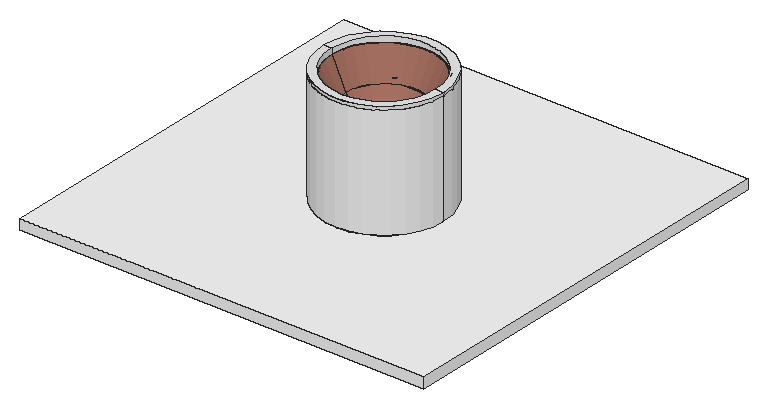
Revit family "BE_50677.6_de_DE", category Leuchten, Revit 2017
Family settings
  Basisbauteil = Fläche
  Bemaßung runder Anschluss = Durchmesser verwenden
  Teiletyp = Normal
  Beim Laden mit Abzugskörper schneiden = Ja
  Lichtquelle = Ja
  Gemeinsam genutzt = Nein
  Raumberechnungspunkt = Ja
Parameters (values of type "BEGA_50677.6_K3")
  built-in parameter 1150104 = 14.391 (stored number, unit not read)
  Wattage = 8.1 W
  Default Elevation = 0 mm
  built-in parameter 1150113 = 1 (stored number, unit not read)
  built-in parameter 1114218 = 1 (stored number, unit not read)
  Umgebungstemperatur = "25 °C"
  URL = "https://www.bega.com/de/produkt/50677.6"
  Typenkommentare = "© 2020 BEGA. Wir behalten uns das Recht vor, technische Änderungen ohne vorherige Ankündigung vorzunehmen."  # constant formula
  built-in parameter 1150134 = (empty or 0)
  built-in parameter 1150109 = 1 (stored number, unit not read)
  Strom = ""
  built-in parameter 1150110 = 1 (stored number, unit not read)
  Spannung = 239.996 V
  Sonderanfertigung = no
  Seriennummer [instance] = "Hier können Sie die eindeutige Seriennummer für das Facility Management eintragen."
  Schutzklasse = "I"
  Schutzart = "IP 20"
  Scheinlast = 0 VA
  Produktdatenblatt = "http://www.bega.de/download/Xrfa/db/50677.6.db.de.pdf"
  Oberflächentemperatur = ""
  Neigungswinkel = 0.00°
  Modell = "50677.6K3"
  Material_34 = BEGA_Oberfläche_Samtweiss_matt
  Material_29 = BEGA_Oberfläche_Kupfer_matt
  Material_23 = BEGA_Oberfläche_Chrom_poliert
  Material_17 = BEGA_Reflektor
  Material_15 = BEGA_Leuchtmedium_matt
  Material_13 = BEGA_Kunststoff_matt
  Material_11 = BEGA_Glas_opal
  Material_09 = BEGA_Glas_klar
  Material_06 = BEGA_Oberfläche_Edelstahl_gebürstet
  Material_03 = BEGA_Oberfläche_Weiss_matt
  Material_02 = BEGA_Oberfläche_Silber_matt
  Material_01 [instance] = BEGA_Oberfläche_Grafit_matt
  M_W = no
  M_G = no
  M_A = no
  Logo = 0
  built-in parameter 1114217 = 1 (stored number, unit not read)
  built-in parameter 1150139 = (empty or 0)
  built-in parameter 1150105 = 99.845 (stored number, unit not read)
  built-in parameter 1150114 = 1 (stored number, unit not read)
  Lumens = 1254.69 lm
  built-in parameter 1150115 = 1 (stored number, unit not read)
  Leuchtenlichtstrom = "807 lm"
  Leuchtenanzahl = ""
  Lebensdauerkriterien = "L70B50 @ 25 °C = 400000 h"
  Lastklassifizierung = Beleuchtung
  built-in parameter 1150112 = 1 (stored number, unit not read)
  Lampenlichtstrom = "1255 lm"
  Lampe = "LED 8.1 W"
  LED_Modulbezeichnung = "LED-0800/930"
  Hersteller = "BEGA"  # constant formula
  Halbstreuwinkel = ""
  Gewicht = "0.9 kg"
  Gebrauchslageneinschränkung [instance] = ""
  Frequenz = "0/50-60 Hz"
  Farbwiedergabeindex = "CRI > 90"
  Farbtemperaturverschiebung bei Dämpfen der Lampe = <Keine Auswahl>
  Farbtemperatur = "3000 K"
  Color Filter = 16777215
  built-in parameter 1150133 = 10 (stored number, unit not read)
  Energieeffizienzklasse = "LED A++ - A"
  built-in parameter 1150137 = (empty or 0)
  built-in parameter 1150132 = (empty or 0)
  ENEC = "ja"
  Dimmbar [instance] = "DALI"
  Datei für fotometrisches Netz = "BE_50677-6K3.IES"
  CE_Konformität = "ja"
  Bestellnummer = "50677.6K3"
  Beschreibung_Sonderanfertigung = "Hier können Sie Informationen zur Sonderanfertigung eintragen."
  Beschreibung = "Deckenleuchte · Tiefstrahler"
  built-in parameter 1150106 = 0.99845 (stored number, unit not read)
  Befestigungsbohrung = "Ø 4,5 mm"
  Befestigungsabstand = "96 mm"
  Ballwurfsicher = ""
  BEGA_Intern_aus = yes
  BEGA_Intern_an = yes
  BEGA_Intern_Konstruktion = yes
  BEGA_Intern = yes
  BEGA_IES = yes
  BEGA_Dummy = no
  Anschlussleitung = ""
  Anschlussleistung [instance] = "9.8 W"
  Anschlusskasten = ""
  built-in parameter 1150107 = 3000 (stored number, unit not read)
  built-in parameter 1150102 = (empty or 0)
  built-in parameter 1150138 = (empty or 0)
  Aktualisierung = "2020-09-11T04:00:16"
  Abstand_zur_angestrahlten_Fläche [instance] = ""
  AC/DC = "AC/DC"
Reference planes
  plane 1 "Mitte (Vorne/Hinten)": y = 0
  plane 2: z = 0
  plane 3 "Mitte (Links/Rechts)": x = 0
  plane 4 "Links": x = -59.5
  plane 5 "Rechts": x = 59.5
  plane 6 "Unten": y = -59.5
  plane 7 "Oben": y = 59.5
  plane 8 "Vorne": z = 115.1
  plane 9 "Hinten": z = 0
Forms (mm)
  Extrusion 1, solid, material "BEGA_Platte_Weiss"
    sketch origin (0, -1119.2, 0) x (1, 0, 0) y (0, 1, 0)
      loop
        line (-200, 1319.2) -> (-200, 919.2) -> (200, 919.2) -> (200, 1319.2) -> (-200, 1319.2)
    from 0 to -10
  Extrusion 2, solid, material "BEGA_Dummy_matt", visible <- "BEGA_Dummy"
    sketch origin (77.149, -76.023, 0) x (1, 0, 0) y (0, 1, 0)
      loop
        circle (-77.149, 76.023) r 59.5
    from 0 to 115.1
Dimensions and locks
  plane 1 "Mitte (Vorne/Hinten)" to Extrusion 1 = 200 mm
  aligned and locked: plane 2 to Extrusion 1
  aligned and locked: level to Extrusion 1
Nested families
  nested 1: "BE_50677.6" at (0, 0, 0), type "BE_50677.6"
Connectors
  electrical at (0, 0, 0), driven by "Lastklassifizierung", driven by "Spannung", driven by "Scheinlast"
    settings: index 1, voltage 239.996 V, apparent load 0 VA, apparent load phase1 0 VA, apparent load phase2 0 VA, apparent load phase3 0 VA, power factor 1, load classification "Beleuchtung", number of poles 1, system type 31, power factor state 1, is connector primary yes, connector utility no, sub classification motor no, connector description ""
Definition of nested family "BE_50677.6"
  Parameters (values of type "BE_50677.6")
    Default Elevation = 1 mm
    URL = "http://www.bega.de/de/produkt"
    Type Comments = "© 2015 BEGA. Wir behalten uns das Recht vor, technische Änderungen ohne vorherige Ankündigung vorzunehmen. "  # constant formula
    Type Image = (empty or 0)
    Neigungswinkel_um_Z2 = 0.00°
    Neigungswinkel_um_Z1 = 0.00°
    Neigungswinkel_um_Y2 = 0.00°
    Neigungswinkel_um_Y1 = 0.00°
    Neigungswinkel_um_X2 = 0.00°
    Neigungswinkel_um_X1 = 0.00°
    Material_35 = none
    Material_34 = none
    Material_31 = none
    Material_29 = none
    Material_23 = none
    Material_22 = none
    Material_17 = none
    Material_15 = none
    Material_13 = none
    Material_11 = none
    Material_09 = none
    Material_06 = none
    Material_05 = none
    Material_02 = none
    Material_01 = none
    M_W = yes
    M_G = yes
    M_A = yes
    Länge_Platte = 200 mm  # constant formula
    Höhe_Platte = -10 mm  # constant formula
    Manufacturer = "BEGA"  # constant formula
    Drehwinkel_um_Z2 = 0.00°
    Drehwinkel_um_Z1 = 0.00°
    Breite_Platte = 200 mm  # constant formula
  Reference planes
    plane 1 "Mitte (Oben/Unten)": y = 0
    plane 2: z = 0
    plane 3 "Mitte (Links/Rechts)": x = 0
    plane 4 "Hinten": z = 0
    plane 5 "Links": x = -59.5
    plane 6 "Rechts": x = 59.5
    plane 7 "Oben": y = 59.5
    plane 8 "Unten": y = -59.5
    plane 9: z = 115.1
  Forms (mm)
    Extrusion 1, solid, detail levels medium
      sketch origin (0, 0, 0) x (1, 0, 0) y (0, 1, 0)
        loop
          line (-100, 100) -> (-100, -100) -> (100, -100) -> (100, 100) -> (-100, 100)
      from 0 to -10 <- "Höhe_Platte"
    Revolve 2, solid, material <- "Material_13"
      sketch origin (0, 0, 0) x (1, 0, 0) y (0, 0, 1)
        loop
          line (0, 60.73) -> (0, 61.93)
          arc (0, 61.93) -> (-6.282, 60.311) -> (-11, 55.858) r 13
          line (-11, 55.858) -> (-11.994, 55.858) -> (-11.994, 54.458) -> (-9.75, 54.458) -> (-9.75, 55.576)
          arc (-9.75, 55.576) -> (-5.514, 59.362) -> (0, 60.73) r 11.8
        axis (0, 54.458) -> (0, 61.93)
      angle from 0 to 360
    Revolve 3, solid, material <- "Material_29"
      sketch origin (0, 0, 0) x (1, 0, 0) y (0, 0, 1)
        loop
          line (-18.273, 56.462) -> (-11, 55.825) -> (-11, 56.829) -> (-18.186, 57.458)
          arc (-18.186, 57.458) -> (-29.245, 67.993) -> (-37.796, 80.65) r 71.028
          line (-37.796, 80.65) -> (-39.6, 81.691) -> (-41.259, 85.331) -> (-42.169, 84.917) -> (-40.377, 80.985) -> (-38.491, 79.896)
          arc (-38.491, 79.896) -> (-29.813, 66.944) -> (-18.273, 56.462) r 64.266
        axis (0, 55.825) -> (0, 85.331)
      angle from 0 to 360
    Revolve 4, solid, material <- "Material_23"
      sketch origin (0, 0, 0) x (1, 0, 0) y (0, 0, 1)
        loop
          line (-59.446, 115.1) -> (-59.398, 111.8) -> (-52.937, 111.8) -> (-52.885, 110.3) -> (-51.582, 110.3) -> (-51.75, 115.1) -> (-59.446, 115.1)
        axis (0, 110.3) -> (0, 115.1)
      angle from 0 to 360
    Revolve 5, solid, material <- "Material_34"
      sketch origin (0, 0, 0) x (1, 0, 0) y (0, 0, 1)
        loop
          line (-55.325, 106.9) -> (-56.8, 106.9) -> (-57.071, 111.9) -> (-59.5, 111.8) -> (-59.4, 0.9) -> (-58.543, 0.997) -> (-58.303, 5.1) -> (-57.328, 5.374) -> (-57.2, 6.839) -> (-57.2, 14.979) -> (-56.022, 17.021) -> (-55.5, 46.9) -> (0, 46.9) -> (0, 51.9) -> (-53.405, 51.9) -> (-55.325, 106.9)
        axis (0, 0.9) -> (0, 111.9)
      angle from 0 to 360
    Revolve 6, solid, material <- "Material_29"
      sketch origin (0, 0, 0) x (1, 0, 0) y (0, 0, 1)
        loop
          line (-38.056, 80.8) -> (-51.236, 109.721)
          arc (-51.236, 109.721) -> (-51.605, 110.143) -> (-52.143, 110.3) r 1
          line (-52.143, 110.3) -> (-53.3, 110.3) -> (-53.3, 109.3) -> (-52.143, 109.3) -> (-39.547, 81.661) -> (-38.056, 80.8)
        axis (0, 80.8) -> (0, 110.3)
      angle from 0 to 360
    Revolve 7, solid, material <- "Material_05"
      sketch origin (0, 0, 0) x (1, 0, 0) y (0, 0, 1)
        loop
          line (53.452, 9) -> (53.609, 0) -> (58.1, 0) -> (58.1, 4.627) -> (55.75, 5) -> (55.75, 8.001) -> (55.75, 12.5) -> (55.348, 14) -> (53.505, 14) -> (53.4, 11) -> (39.07, 11) -> (39, 9) -> (53.452, 9)
        axis (0, 0) -> (0, 14)
      angle from 0 to 360
    Extrusion 8, solid, material <- "Material_05"
      sketch origin (0, 0, 0) x (1, 0, 0) y (0, 1, 0)
        loop
          circle (0, -48) r 7.58
        loop
          circle (0, 48) r 7.58
        loop
          circle (0, 48) r 2.25
        loop
          circle (0, -48) r 2.25
      from 0 to 11
  Cuts and joins
    joined: Revolve 7, Extrusion 8
  Dimensions and locks
    equal spacing: Extrusion 1 sketch curve, plane 3 "Mitte (Links/Rechts)", Extrusion 1 sketch curve
    equal spacing: Extrusion 1 sketch curve, plane 1 "Mitte (Oben/Unten)", Extrusion 1 sketch curve
    "Länge_Platte": Extrusion 1 sketch curve to Extrusion 1 sketch curve
    "Breite_Platte": Extrusion 1 sketch curve to Extrusion 1 sketch curve
    aligned and locked: plane 2 to Extrusion 1
    aligned and locked: level to Extrusion 1
  Automatic sketch dimensions
    Revolve 2 sketch curve to Revolve 2 sketch curve = 0 mm  (x3)
    Revolve 2 sketch curve to plane 3 "Mitte (Links/Rechts)" = 0 mm  (x2)
    Revolve 2 sketch curve to plane 3 "Mitte (Links/Rechts)" = 9.75 mm
    Revolve 2 sketch curve to Revolve 2 sketch curve = 1.25 mm
    Revolve 2 sketch curve to Revolve 2 sketch curve = 0.994 mm
    level to Revolve 2 sketch curve = 48.93 mm
    Revolve 2 sketch curve to Revolve 2 sketch curve = 5.528 mm
    Revolve 2 sketch curve to Revolve 2 sketch curve = 1.118 mm
    Revolve 2 sketch curve to Revolve 2 sketch curve = 1.4 mm
    Revolve 2 sketch curve to Revolve 2 sketch curve = 2.853 mm
    Revolve 2 sketch curve to Revolve 2 sketch curve = 5.947 mm
    Revolve 4 sketch curve to plane 3 "Mitte (Links/Rechts)" = 0 mm
    Revolve 4 sketch curve to plane 3 "Mitte (Links/Rechts)" = 51.582 mm
    Revolve 4 sketch curve to Revolve 4 sketch curve = 0.168 mm
    Revolve 4 sketch curve to Revolve 4 sketch curve = 1.302 mm
    Revolve 4 sketch curve to Revolve 4 sketch curve = 0.052 mm
    Revolve 4 sketch curve to Revolve 4 sketch curve = 6.461 mm
    Revolve 4 sketch curve to Revolve 4 sketch curve = 0.047 mm
    Revolve 4 sketch curve to Revolve 4 sketch curve = 1.5 mm
    Revolve 4 sketch curve to Revolve 4 sketch curve = 3.3 mm
    Revolve 4 sketch curve to Revolve 4 sketch curve = 2.164 mm
    Revolve 4 sketch curve to Revolve 4 sketch curve = 8.028 mm
    Revolve 3 sketch curve to plane 3 "Mitte (Links/Rechts)" = 0 mm
    Revolve 3 sketch curve to plane 3 "Mitte (Links/Rechts)" = 11 mm
    Revolve 3 sketch curve to Revolve 3 sketch curve = 0 mm
    Revolve 3 sketch curve to Revolve 3 sketch curve = 7.186 mm
    Revolve 3 sketch curve to Revolve 3 sketch curve = 21.414 mm
    Revolve 3 sketch curve to Revolve 3 sketch curve = 1.659 mm
    Revolve 3 sketch curve to Revolve 3 sketch curve = 0.91 mm
    plane 3 "Mitte (Links/Rechts)" to Revolve 3 sketch curve = 18.846 mm
    Revolve 3 sketch curve to Revolve 3 sketch curve = 6.148 mm
    Revolve 3 sketch curve to Revolve 3 sketch curve = 4.931 mm
    Revolve 3 sketch curve to Revolve 3 sketch curve = 0.415 mm
    Revolve 3 sketch curve to Revolve 3 sketch curve = 3.64 mm
    Revolve 3 sketch curve to Revolve 3 sketch curve = 24.233 mm
    Revolve 3 sketch curve to Revolve 3 sketch curve = 0.629 mm
    Revolve 3 sketch curve to Revolve 3 sketch curve = 1.004 mm
    Revolve 3 sketch curve to Revolve 3 sketch curve = 0.087 mm
    Revolve 3 sketch curve to Revolve 3 sketch curve = 0.777 mm
    Revolve 3 sketch curve to Revolve 3 sketch curve = 6.249 mm
    Revolve 3 sketch curve to Revolve 3 sketch curve = 6.761 mm
    Revolve 3 sketch curve to Revolve 3 sketch curve = 0.706 mm
    Revolve 3 sketch curve to Revolve 3 sketch curve = 0.754 mm
    Revolve 3 sketch curve to Revolve 3 sketch curve = 1.109 mm
    Revolve 3 sketch curve to Revolve 3 sketch curve = 0.695 mm
    Revolve 3 sketch curve to Revolve 3 sketch curve = 10.583 mm
    Revolve 6 sketch curve to plane 3 "Mitte (Links/Rechts)" = 0 mm
    Revolve 6 sketch curve to plane 3 "Mitte (Links/Rechts)" = 38.056 mm
    Revolve 6 sketch curve to Revolve 6 sketch curve = 1.491 mm
    Revolve 6 sketch curve to Revolve 6 sketch curve = 11.688 mm
    Revolve 6 sketch curve to Revolve 6 sketch curve = 0.907 mm
    Revolve 6 sketch curve to Revolve 6 sketch curve = 0.001 mm
    Revolve 6 sketch curve to Revolve 6 sketch curve = 1.157 mm
    level to Revolve 6 sketch curve = 80.8 mm
    Revolve 6 sketch curve to Revolve 6 sketch curve = 0.861 mm
    Revolve 6 sketch curve to Revolve 6 sketch curve = 27.639 mm
    Revolve 6 sketch curve to Revolve 6 sketch curve = 0 mm
    Revolve 6 sketch curve to Revolve 6 sketch curve = 0.421 mm
    Revolve 6 sketch curve to Revolve 6 sketch curve = 12.305 mm
    Revolve 6 sketch curve to Revolve 6 sketch curve = 10 mm
    Revolve 7 sketch curve to plane 3 "Mitte (Links/Rechts)" = 0 mm
    Revolve 7 sketch curve to level = 0 mm
    level to Revolve 7 sketch curve = 9 mm
    plane 3 "Mitte (Links/Rechts)" to Revolve 7 sketch curve = 39 mm
    Revolve 7 sketch curve to Revolve 7 sketch curve = 0.07 mm
    Revolve 7 sketch curve to Revolve 7 sketch curve = 14.33 mm
    Revolve 7 sketch curve to Revolve 7 sketch curve = 0.052 mm
    Revolve 7 sketch curve to Revolve 7 sketch curve = 0.105 mm
    Revolve 7 sketch curve to Revolve 7 sketch curve = 0.157 mm
    Revolve 7 sketch curve to Revolve 7 sketch curve = 1.843 mm
    level to Revolve 7 sketch curve = 5 mm
    Revolve 7 sketch curve to Revolve 7 sketch curve = 2.298 mm
    level to Revolve 7 sketch curve = 4.627 mm
    Revolve 7 sketch curve to Revolve 7 sketch curve = 2.35 mm
    Revolve 7 sketch curve to Revolve 7 sketch curve = 0.999 mm
    Revolve 7 sketch curve to Revolve 7 sketch curve = 2 mm
    Revolve 7 sketch curve to Revolve 7 sketch curve = 1.5 mm  (x2)
    Revolve 7 sketch curve to level = 6 mm
    level to Revolve 7 sketch curve = 44 mm
    Revolve 5 sketch curve to plane 3 "Mitte (Links/Rechts)" = 0 mm  (x2)
    Revolve 5 sketch curve to plane 3 "Mitte (Links/Rechts)" = 53.405 mm
    Revolve 5 sketch curve to Revolve 5 sketch curve = 1.921 mm
    Revolve 5 sketch curve to Revolve 5 sketch curve = 2.095 mm
    level to Revolve 5 sketch curve = 17.021 mm
    Revolve 5 sketch curve to Revolve 5 sketch curve = 0.522 mm
    Revolve 5 sketch curve to Revolve 5 sketch curve = 1.475 mm
    Revolve 5 sketch curve to Revolve 5 sketch curve = 0.271 mm
    level to Revolve 5 sketch curve = 6.839 mm
    Revolve 5 sketch curve to Revolve 5 sketch curve = 1.178 mm
    level to Revolve 5 sketch curve = 14.979 mm
    Revolve 5 sketch curve to Revolve 5 sketch curve = 1.179 mm
    level to Revolve 5 sketch curve = 0.997 mm
    Revolve 5 sketch curve to Revolve 5 sketch curve = 1.344 mm
    level to Revolve 5 sketch curve = 0.9 mm
    Revolve 5 sketch curve to Revolve 5 sketch curve = 0.857 mm
    Revolve 5 sketch curve to Revolve 5 sketch curve = 2.429 mm
    level to Revolve 5 sketch curve = 46.9 mm
    Revolve 5 sketch curve to Revolve 5 sketch curve = 5 mm  (x2)
    Revolve 5 sketch curve to Revolve 5 sketch curve = 55 mm
    Revolve 5 sketch curve to Revolve 5 sketch curve = 4.9 mm
    Revolve 5 sketch curve to Revolve 5 sketch curve = 0.1 mm
    level to Revolve 5 sketch curve = 5.374 mm
    Revolve 5 sketch curve to Revolve 5 sketch curve = 0.128 mm
    level to Revolve 5 sketch curve = 5.1 mm
    Revolve 5 sketch curve to Revolve 5 sketch curve = 0.975 mm
    Revolve 5 sketch curve to Revolve 5 sketch curve = 15 mm
    Extrusion 8 sketch curve to Extrusion 8 sketch curve = 0 mm  (x4)
    Extrusion 8 sketch curve to plane 3 "Mitte (Links/Rechts)" = 0 mm  (x2)
    plane 1 "Mitte (Oben/Unten)" to Extrusion 8 sketch curve = 48 mm
    Extrusion 8 sketch curve to plane 1 "Mitte (Oben/Unten)" = 48 mm
    level to Revolve 3 sketch curve = 55.825 mm
    level to Revolve 4 sketch curve = 110.3 mm
    radius of Extrusion 8 sketch curve = 7.58 mm  (x2)
    radius of Extrusion 8 sketch curve = 2.25 mm  (x2)
